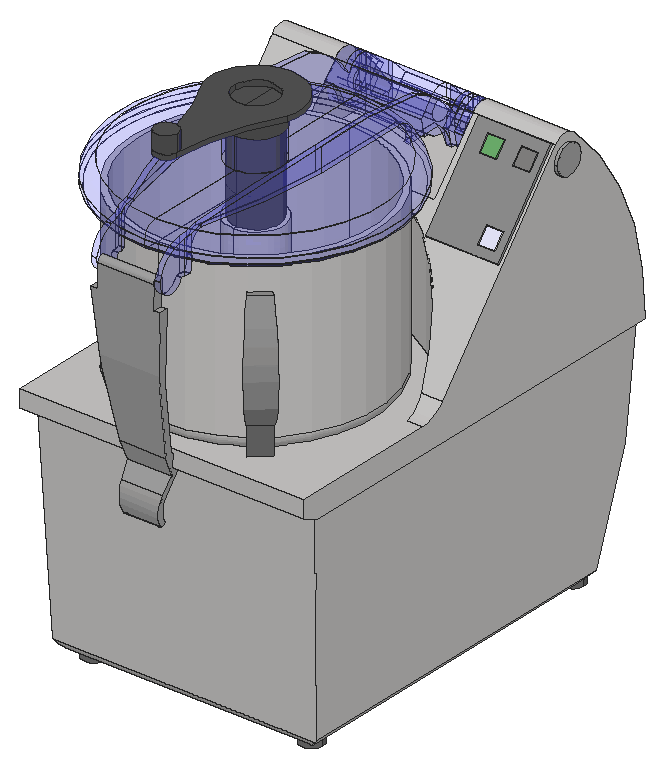
Revit family "QF_DITOSAMA_600449_DK45YVVI", category Specialty Equipment, Revit 2018
Family settings
  Round Connector Dimension = Use Diameter
  Part Type = Normal
  Work Plane-Based = No
  Always vertical = Yes
  Cut with Voids When Loaded = No
  Shared = No
  Room Calculation Point = No
Parameters (values of type "Standard")
  Weight = 22.00 kg
  Watts = 0 W
  Volts = 200 V
  URL Manufacturer = "http://www.ditosama.com"
  URL = "http://www.ditosama.com"
  Steam Supply Size = 0 mm
  Steam Supply Minimum Pressure = 0.0 Pa
  Steam Supply Maximum Pressure = 0.0 Pa
  Steam Pounds per Hour = 0
  Refrigeration Suction Line Size = 0.0 mm
  Refrigeration Liquid Line Size = 0.0 mm
  Refrigerant Compressor Remote = yes
  Manufacturer = "Dito Sama"
  Phase = 1
  Model = "DK45YVVI"
  Length Actual = 256.0 mm  # constant formula
  Item Number = "600449"
  Hot Water Size = 0 mm
  Height Actual = 482.0 mm  # constant formula
  HP = "1.3 HP"
  Gas Size = 0 mm
  Gas KW = 0
  Gas Input Pressure = 0 W
  Direct Waste Size = 0 mm
  Description = "CUTTER-MIXER 4.5L-MICROTOOTHED BLADE-VARIAB.SPEED-1000W-200-240V/1N/50-60-CB APPROVED, SCHUKO PLUG"
  Depth Actual = 415.0 mm  # constant formula
  Cycle = 50 Hz
  Condensate Return Size = 0 mm
  Compressed Air Volume = 0.0 L/s
  Compressed Air Size = 0 mm
  Compressed Air Pressure = 0.0 Pa
  Cold Water Size = 0 mm
  Accessory = yes
Reference planes
  plane 1 "Center (Front/Back)": y = 0
  plane 2: z = 0
  plane 3 "Center (Left/Right)": x = 0
  plane 4 "BASE": z = 6
  plane 5 "TOP": z = 685
  plane 6 "FRONT": y = -207.5
  plane 7 "BACK": y = 207.5
  plane 8 "LEFT": x = -128
  plane 9 "RIGHT": x = 128
  plane 10 "CenterX": x = -10
  plane 11 "Maniglia": through (-10, -59.177, 4000) normal (0.766, 0.6428, 0)
  plane 12 "Panel": through (4267.2, 107.252, 388.448) normal (0, 0.766, -0.6428)
  plane 13: z = 470
Forms (mm)
  Extrusion 1, solid, material "QF_Finishes_Stainless Steel"
    sketch origin (0, 0, 0) x (0, 1, 0) y (0, 0, 1)
      loop
        arc (155.897, 6) -> (160.37, 10.596) -> (163.359, 16.27) r 22.417
        arc (163.359, 16.27) -> (192.273, 107.896) -> (201.98, 203.483) r 470.678
        line (201.98, 203.483) -> (-161.42, 203.483)
        arc (-161.42, 203.483) -> (-159.547, 108.877) -> (-151.391, 14.604) r 1423.016
        arc (-151.391, 14.604) -> (-146.603, 8.365) -> (-139.103, 6) r 13.076
        line (-139.103, 6) -> (155.897, 6)
    from -128 to 128
  Extrusion 2, void
    sketch origin (0, -207.5, 0) x (-1, 0, 0) y (0, 0, 1)
      loop
        line (128, 203.483) -> (125, 203.483) -> (119.389, 16.27) -> (109.119, 6) -> (128, 6) -> (128, 203.483)
      loop
        line (-128, 203.483) -> (-128, 6) -> (-109.119, 6) -> (-119.389, 16.27) -> (-125, 203.483) -> (-128, 203.483)
    from 14.374 to 435.947
  Extrusion 3, solid, material "QF_Finishes_Stainless Steel"
    sketch origin (0, 0, 0) x (0, 1, 0) y (0, 0, 1)
      loop
        arc (207.5, 203.483) -> (187.745, 305.45) -> (127.203, 389.844) r 242.898
        arc (127.203, 389.844) -> (116.931, 393.38) -> (107.252, 388.448) r 13.902
        line (107.252, 388.448) -> (-20.106, 236.67)
        arc (-20.106, 236.67) -> (-30.264, 228.875) -> (-42.764, 226.104) r 29.578
        line (-42.764, 226.104) -> (-177.764, 226.104) -> (-177.764, 211.104) -> (-161.42, 203.483) -> (207.5, 203.483)
    from -128 to 128
  Extrusion 4, void
    sketch origin (0, -207.5, 0) x (-1, 0, 0) y (0, 0, 1)
      loop
        line (-53.607, 393.414) -> (-53.607, 336.684) -> (71.073, 336.684) -> (71.073, 393.414) -> (-53.607, 393.414)
    from 255.469 to 415
  Revolve 5, solid, material "QF_Plastic-Black"
    sketch origin (-10, 0, 0) x (0, -1, 0) y (0, 0, 1)
      loop
        line (59.177, 450.527) -> (28.516, 450.527) -> (35.424, 443.619) -> (35.424, 430.527) -> (38.194, 430.527) -> (38.194, 356.104) -> (59.177, 356.104) -> (59.177, 450.527)
      axis (59.177, 356.104) -> (59.177, 450.527)
    angle from 0 to 360
  Extrusion 6, solid, material "QF_Plastic-Black"
    sketch origin (0, 0, 0) x (1, 0, 0) y (0, 1, 0)
      loop
        arc (-48.167, -71.147) -> (-28.951, -114.517) -> (-19.956, -161.093) r 210.055
        arc (-19.956, -161.093) -> (-10, -170.155) -> (-0.044, -161.093) r 10
        arc (-0.044, -161.093) -> (8.951, -114.517) -> (28.167, -71.147) r 210.055
        arc (28.167, -71.147) -> (-10, -19.177) -> (-48.167, -71.147) r 40
    from 450.5 to 455
  Extrusion 7, solid, material "QF_Plastic-Black"
    sketch origin (0, 0, 0) x (1, 0, 0) y (0, 1, 0)
      loop
        circle (-10, -160.155) r 10
    from 455 to 470
  Extrusion 8, void
    sketch origin (0, 0, 0) x (1, 0, 0) y (0, 1, 0)
      loop
        circle (-10, -59.177) r 19
    from 427.6 to 472.8
  Extrusion 9, void
    sketch origin (0, 0, 0) x (1, 0, 0) y (0, 1, 0)
      loop
        arc (115, -59.177) -> (-10, 65.823) -> (-135, -59.177) r 125
        line (-135, -59.177) -> (115, -59.177)
    from 226.104 to 336.684
  Extrusion 10, void
    sketch origin (-20, 0, 0) x (-1, 0, 0) y (0, -1, 0)
      loop
        line (16.15, 177.864) -> (16.15, -123.86) -> (35.771, -123.86) -> (35.771, 48.192)
        arc (35.771, 48.192) -> (30.047, 105.502) -> (17.781, 161.776) r 500.876
        line (17.781, 161.776) -> (17.781, 171.776) -> (16.15, 177.864)
      loop
        line (40.771, -123.86) -> (45.852, -123.86) -> (45.852, 210.681) -> (21.15, 210.681) -> (21.15, 178.522) -> (22.781, 172.434) -> (22.781, 162.459)
        arc (22.781, 162.459) -> (35.047, 105.893) -> (40.771, 48.297) r 505.876
        line (40.771, 48.297) -> (40.771, -123.86)
    from 350.345 to 477.521
  Extrusion 11, solid, material "Glass"
    sketch origin (-20, 0, 0) x (0, 1, 0) y (0, 0, -1)
      loop
        line (-173.064, -369.647) -> (-181.303, -369.647)
        arc (-181.303, -369.647) -> (-196.341, -361.818) -> (-205.451, -376.117) r 12.548
        arc (-205.451, -376.117) -> (-199.87, -388.651) -> (-189.058, -397.099) r 28.357
        arc (-189.058, -397.099) -> (-65.868, -423.241) -> (59.99, -418.888) r 518.061
        arc (59.99, -418.888) -> (85.116, -404.522) -> (104.437, -382.973) r 90.696
        arc (104.437, -382.973) -> (113.885, -392.821) -> (127.203, -389.844) r 13.902
        arc (127.203, -389.844) -> (135.322, -382.188) -> (143.082, -374.167) r 242.898
        line (143.082, -374.167) -> (137.378, -368.464)
        arc (137.378, -368.464) -> (123.613, -353.84) -> (104.088, -358.543) r 20
        line (104.088, -358.543) -> (99.34, -358.543)
        arc (99.34, -358.543) -> (94.194, -371.609) -> (85.823, -382.884) r 53.446
        line (85.823, -382.884) -> (50.823, -382.884)
        arc (50.823, -382.884) -> (52.796, -383.701) -> (53.614, -385.674) r 2.79
        line (53.614, -385.674) -> (53.614, -390.892)
        arc (53.614, -390.892) -> (50.154, -399.244) -> (41.802, -402.703) r 11.812
        line (41.802, -402.703) -> (-160.307, -402.703)
        arc (-160.307, -402.703) -> (-168.659, -399.244) -> (-172.119, -390.892) r 11.812
        line (-172.119, -390.892) -> (-172.119, -385.826)
        arc (-172.119, -385.826) -> (-171.728, -384.361) -> (-170.659, -383.285) r 2.942
        line (-170.659, -383.285) -> (-173.064, -369.647)
      loop
        circle (117.901, -373.007) r 9.416
    from 16.15 to 45.852
  Extrusion 12, solid, material "Glass"
    sketch origin (0, 0, 0) x (0, 1, 0) y (0, 0, 1)
      loop
        line (137.378, 368.464) -> (143.082, 374.167)
        arc (143.082, 374.167) -> (135.322, 382.188) -> (127.203, 389.844) r 242.898
        arc (127.203, 389.844) -> (116.931, 393.38) -> (107.252, 388.448) r 13.902
        line (107.252, 388.448) -> (95.766, 374.76)
        arc (95.766, 374.76) -> (97.862, 366.72) -> (99.34, 358.543) r 108.872
        line (99.34, 358.543) -> (104.088, 358.543)
        arc (104.088, 358.543) -> (123.613, 353.84) -> (137.378, 368.464) r 20
      loop
        circle (117.901, 373.007) r 9.416
    from -71.073 to 53.607
  Extrusion 13, solid, material "QF_Finishes_Gray"
    sketch origin (0, 0, 0) x (0, 1, 0) y (0, 0, 1)
      loop
        arc (-182.273, 168.111) -> (-185.377, 178.111) -> (-182.273, 188.111) r 17.658
        line (-182.273, 188.111) -> (-169.592, 207.294) -> (-177.764, 211.104) -> (-177.764, 222.201) -> (-180.378, 224.815)
        arc (-180.378, 224.815) -> (-194.973, 298.318) -> (-196.805, 373.235) r 437.299
        arc (-196.805, 373.235) -> (-201.296, 377.726) -> (-205.788, 373.235) r 4.491
        arc (-205.788, 373.235) -> (-201.07, 296.739) -> (-185.461, 221.705) r 534.528
        line (-185.461, 221.705) -> (-177.764, 203.503) -> (-186.394, 190.943)
        arc (-186.394, 190.943) -> (-190.377, 178.111) -> (-186.394, 165.28) r 22.658
        arc (-186.394, 165.28) -> (-182.917, 164.635) -> (-182.273, 168.111) r 2.5
    from -49.646 to 27.326
  Extrusion 14, void
    sketch origin (0, -207.5, 0) x (-1, 0, 0) y (0, 0, 1)
      loop
        line (-15.15, 396.938) -> (-47.326, 396.938) -> (-47.326, 161.938) -> (-5.366, 161.938) -> (-20.516, 351.652) -> (-15.15, 351.652) -> (-15.15, 396.938)
      loop
        line (26.963, 161.938) -> (77.918, 161.938) -> (77.918, 396.938) -> (35.15, 396.938) -> (35.15, 351.652) -> (42.113, 351.652) -> (26.963, 161.938)
    from 46.08 to -69.339
  Extrusion 15, solid, material "Glass"
    sketch origin (0, 0, 0) x (0, 1, 0) y (0, 0, 1)
      loop
        line (-173.064, 369.647) -> (-170.659, 383.285)
        arc (-170.659, 383.285) -> (-171.728, 384.361) -> (-172.119, 385.826) r 2.942
        line (-172.119, 385.826) -> (-172.119, 390.892)
        arc (-172.119, 390.892) -> (-168.659, 399.244) -> (-160.307, 402.703) r 11.812
        line (-160.307, 402.703) -> (41.802, 402.703)
        arc (41.802, 402.703) -> (50.154, 399.244) -> (53.614, 390.892) r 11.812
        line (53.614, 390.892) -> (53.614, 385.674)
        arc (53.614, 385.674) -> (52.796, 383.701) -> (50.823, 382.884) r 2.79
        line (50.823, 382.884) -> (85.823, 382.884)
        arc (85.823, 382.884) -> (94.194, 371.609) -> (99.34, 358.543) r 53.446
        line (99.34, 358.543) -> (104.088, 358.543)
        arc (104.088, 358.543) -> (123.613, 353.84) -> (137.378, 368.464) r 20
        line (137.378, 368.464) -> (143.082, 374.167)
        arc (143.082, 374.167) -> (135.322, 382.188) -> (127.203, 389.844) r 242.898
        arc (127.203, 389.844) -> (113.885, 392.821) -> (104.437, 382.973) r 13.902
        arc (104.437, 382.973) -> (85.116, 404.522) -> (59.99, 418.888) r 90.696
        arc (59.99, 418.888) -> (-65.868, 423.241) -> (-189.058, 397.099) r 518.061
        arc (-189.058, 397.099) -> (-199.87, 388.651) -> (-205.451, 376.117) r 28.357
        arc (-205.451, 376.117) -> (-196.341, 361.818) -> (-181.303, 369.647) r 12.548
        line (-181.303, 369.647) -> (-173.064, 369.647)
      loop
        circle (117.901, 373.007) r 9.416
    from 16.15 to 45.852
  Extrusion 16, void
    sketch origin (0, 0, 0) x (1, 0, 0) y (0, 1, 0)
      loop
        line (16.15, -177.864) -> (17.781, -171.776) -> (17.781, -161.776)
        arc (17.781, -161.776) -> (30.047, -105.502) -> (35.771, -48.192) r 500.876
        line (35.771, -48.192) -> (35.771, 123.86) -> (16.15, 123.86) -> (16.15, -177.864)
      loop
        line (40.771, 123.86) -> (40.771, -48.297)
        arc (40.771, -48.297) -> (35.047, -105.893) -> (22.781, -162.459) r 505.876
        line (22.781, -162.459) -> (22.781, -172.434) -> (21.15, -178.522) -> (21.15, -210.681) -> (45.852, -210.681) -> (45.852, 123.86) -> (40.771, 123.86)
    from 350.345 to 477.521
  Revolve 17, solid, material "Glass"
    sketch origin (-10, 0, -40) x (0, -1, 0) y (0, 0, 1)
      loop
        line (38.194, 422.884) -> (38.194, 470.527) -> (35.424, 470.527) -> (35.424, 442.703) -> (-53.802, 442.703)
        arc (-53.802, 442.703) -> (-62.213, 439.268) -> (-65.732, 430.892) r 11.871
        line (-65.732, 430.892) -> (-65.732, 425.793)
        arc (-65.732, 425.793) -> (-64.88, 423.736) -> (-62.823, 422.884) r 2.909
        line (-62.823, 422.884) -> (38.194, 422.884)
      axis (59.177, 422.884) -> (59.177, 470.527)
    angle from 0 to 360
  Revolve 18, solid, material "QF_Metal-Stainless-Polished"
    sketch origin (-10, 0, 0) x (0, -1, 0) y (0, 0, 1)
      loop
        line (169.177, 382.884) -> (164.177, 382.884) -> (164.177, 237.884)
        arc (164.177, 237.884) -> (162.191, 233.09) -> (157.397, 231.104) r 6.78
        line (157.397, 231.104) -> (84.177, 231.104) -> (84.177, 356.104) -> (79.177, 356.104) -> (79.177, 226.104) -> (157.397, 226.104)
        arc (157.397, 226.104) -> (165.726, 229.554) -> (169.177, 237.884) r 11.78
        line (169.177, 237.884) -> (169.177, 382.884)
      axis (59.177, 382.884) -> (59.177, 226.104)
    angle from 0 to 360
  Extrusion 19, solid, material "QF_Plastic-Gray-Matte"
    sketch origin (-49.423, -13.925, 0) x (0.634002, 0.773331, 0) y (-0.773331, 0.634002, 0)
      loop
        line (-55.497, -222.333) -> (-26.468, -227.794) -> (-20.635, -161.119)
        arc (-20.635, -161.119) -> (-28.727, -159.898) -> (-36.729, -158.185) r 133.529
        line (-36.729, -158.185) -> (-55.497, -222.333)
    from 226.104 to 356.104
  Revolve 20, void
    sketch origin (-35.007, -29.374, 0) x (-0.642788, 0.766044, 0) y (0, 0, 1)
      loop
        arc (-155.215, 337.579) -> (-171.344, 302.579) -> (-155.215, 267.579) r 46.04
        line (-155.215, 267.579) -> (-147.754, 267.579) -> (-147.754, 337.579) -> (-155.215, 337.579)
      loop
        line (-155.215, 356.104) -> (-147.754, 356.104) -> (-147.754, 361.761) -> (-215.215, 361.761) -> (-215.215, 226.104) -> (-147.754, 226.104) -> (-147.754, 256.485) -> (-163.93, 256.485)
        arc (-163.93, 256.485) -> (-184.453, 308.471) -> (-155.215, 356.104) r 62.537
      axis (10, 361.761) -> (10, 226.104)
    angle from -8.217 to 8.652
  Extrusion 21, solid, material "QF_Finishes_Rubber Black"
    sketch origin (0, 0, 0) x (1, 0, 0) y (0, 1, 0)
      loop
        arc (57.446, -154.071) -> (64.931, -148.135) -> (72.061, -141.775) r 165.215
        line (72.061, -141.775) -> (66.401, -136.116)
        arc (66.401, -136.116) -> (59.824, -141.977) -> (52.928, -147.46) r 157.215
        line (52.928, -147.46) -> (57.446, -154.071)
    from 226.104 to 256.485
  Extrusion 22, solid, material "QF_Plastic-Gray-Matte"
    sketch origin (0, -128.336, 107.686) x (0, 0.642788, 0.766044) y (1, 0, 0)
      loop
        line (366.07, 59.066) -> (366.07, 124.8) -> (272.743, 124.8) -> (272.743, 59.066) -> (366.07, 59.066)
      loop
        line (356.63, 102.599) -> (356.63, 117.599) -> (341.63, 117.599) -> (341.63, 102.599) -> (356.63, 102.599)
      loop
        line (295.63, 102.599) -> (295.63, 117.599) -> (280.63, 117.599) -> (280.63, 102.599) -> (295.63, 102.599)
      loop
        line (356.63, 72.599) -> (356.63, 87.599) -> (341.63, 87.599) -> (341.63, 72.599) -> (356.63, 72.599)
    from -1 to 0.6
  Extrusion 23, solid, material "QF_Finishes_Red"
    sketch origin (0, -128.336, 107.686) x (0, 0.642788, 0.766044) y (1, 0, 0)
      loop
        line (356.63, 102.599) -> (356.63, 117.599) -> (341.63, 117.599) -> (341.63, 102.599) -> (356.63, 102.599)
    from -1 to 0.6
  Extrusion 24, solid, material "QF_Finishes_Green"
    sketch origin (-27.396, -127.834, 108.284) x (0, 0.642788, 0.766044) y (1, 0, 0)
      loop
        line (355.85, 99.994) -> (355.85, 114.994) -> (340.786, 114.994) -> (340.786, 99.994) -> (355.85, 99.994)
    from -1 to 0.6
  Extrusion 25, solid, material "QF_Plastic-White-Matte"
    sketch origin (0, -167.546, 60.958) x (0, 0.642788, 0.766044) y (1, 0, 0)
      loop
        line (356.63, 102.599) -> (356.63, 117.599) -> (341.63, 117.599) -> (341.63, 102.599) -> (356.63, 102.599)
    from -1 to 0.6
  Extrusion 26, solid, material "QF_Finishes_Stainless Steel"
    sketch origin (0, 207.5, 0) x (-1, 0, 0) y (0, 0, 1)
      loop
        circle (0, 202) r 10.353
    from -6.2 to 3
  Revolve 27, solid, material "QF_Door-Drawer Clearances", detail levels coarse
    sketch origin (-10, -221.856, 479.549) x (0, 0, 1) y (0, 1, 0)
      loop
        line (59.177, 490.527) -> (28.516, 490.527) -> (35.424, 483.619) -> (35.424, 470.527) -> (38.194, 470.527) -> (38.194, 442.703) -> (59.177, 442.703) -> (59.177, 490.527)
      axis (59.177, 442.703) -> (59.177, 490.527)
    angle from 0 to 360
  Extrusion 28, solid, material "QF_Door-Drawer Clearances", detail levels coarse
    sketch origin (0, -221.856, 479.549) x (1, 0, 0) y (0, 0, -1)
      loop
        arc (-48.167, -71.147) -> (-28.951, -114.517) -> (-19.956, -161.093) r 210.055
        arc (-19.956, -161.093) -> (-10, -170.155) -> (-0.044, -161.093) r 10
        arc (-0.044, -161.093) -> (8.951, -114.517) -> (28.167, -71.147) r 210.055
        arc (28.167, -71.147) -> (-10, -19.177) -> (-48.167, -71.147) r 40
    from 490.527 to 495.013
  Extrusion 29, solid, material "QF_Door-Drawer Clearances", detail levels coarse
    sketch origin (0, -221.856, 479.549) x (1, 0, 0) y (0, 0, -1)
      loop
        circle (-10, -160.155) r 10
    from 495.013 to 510.592
  Extrusion 30, void
    sketch origin (-20, -221.856, 479.359) x (-1, 0, 0) y (0, 0, 1)
      loop
        line (16.15, 177.864) -> (16.15, -123.86) -> (35.771, -123.86) -> (35.771, 48.192)
        arc (35.771, 48.192) -> (30.047, 105.502) -> (17.781, 161.776) r 500.876
        line (17.781, 161.776) -> (17.781, 171.776) -> (16.15, 177.864)
      loop
        line (40.771, -123.86) -> (45.852, -123.86) -> (45.852, 210.681) -> (21.15, 210.681) -> (21.15, 178.522) -> (22.781, 172.434) -> (22.781, 162.459)
        arc (22.781, 162.459) -> (35.047, 105.893) -> (40.771, 48.297) r 505.876
        line (40.771, 48.297) -> (40.771, -123.86)
    from 350.345 to 477.521
  Extrusion 31, solid, material "QF_Door-Drawer Clearances", detail levels coarse
    sketch origin (-20, -221.856, 479.359) x (0, 0, -1) y (0, -1, 0)
      loop
        line (-173.064, -409.647) -> (-181.303, -409.647)
        arc (-181.303, -409.647) -> (-196.341, -401.818) -> (-205.451, -416.117) r 12.548
        arc (-205.451, -416.117) -> (-199.87, -428.651) -> (-189.058, -437.099) r 28.357
        arc (-189.058, -437.099) -> (-65.868, -463.241) -> (59.99, -458.888) r 518.061
        arc (59.99, -458.888) -> (92.246, -438.11) -> (113.023, -405.855) r 90.696
        arc (113.023, -405.855) -> (114.903, -399.662) -> (115.972, -393.28) r 50.278
        arc (115.972, -393.28) -> (121.968, -392.806) -> (127.203, -389.844) r 13.902
        arc (127.203, -389.844) -> (129.309, -387.924) -> (131.393, -385.98) r 242.898
        arc (131.393, -385.98) -> (114.739, -373.307) -> (99.238, -359.247) r 242.898
        arc (99.238, -359.247) -> (87.934, -393.903) -> (65.823, -422.884) r 108.872
        line (65.823, -422.884) -> (50.823, -422.884)
        arc (50.823, -422.884) -> (52.796, -423.701) -> (53.614, -425.674) r 2.79
        line (53.614, -425.674) -> (53.614, -430.892)
        arc (53.614, -430.892) -> (50.154, -439.244) -> (41.802, -442.703) r 11.812
        line (41.802, -442.703) -> (-160.307, -442.703)
        arc (-160.307, -442.703) -> (-168.659, -439.244) -> (-172.119, -430.892) r 11.812
        line (-172.119, -430.892) -> (-172.119, -425.826)
        arc (-172.119, -425.826) -> (-171.728, -424.361) -> (-170.659, -423.285) r 2.942
        line (-170.659, -423.285) -> (-173.064, -409.647)
    from 16.15 to 45.852
  Extrusion 32, void
    sketch origin (0, -221.856, 479.359) x (1, 0, 0) y (0, 0, -1)
      loop
        line (16.15, -177.864) -> (17.781, -171.776) -> (17.781, -161.776)
        arc (17.781, -161.776) -> (30.047, -105.502) -> (35.771, -48.192) r 500.876
        line (35.771, -48.192) -> (35.771, 123.86) -> (16.15, 123.86) -> (16.15, -177.864)
      loop
        line (40.771, 123.86) -> (40.771, -48.297)
        arc (40.771, -48.297) -> (35.047, -105.893) -> (22.781, -162.459) r 505.876
        line (22.781, -162.459) -> (22.781, -172.434) -> (21.15, -178.522) -> (21.15, -210.681) -> (45.852, -210.681) -> (45.852, 123.86) -> (40.771, 123.86)
    from 350.345 to 477.521
  Extrusion 33, solid, material "QF_Door-Drawer Clearances", detail levels coarse
    sketch origin (0, -221.856, 479.359) x (0, 0, -1) y (0, 1, 0)
      loop
        line (-173.064, 409.647) -> (-170.659, 423.285)
        arc (-170.659, 423.285) -> (-171.728, 424.361) -> (-172.119, 425.826) r 2.942
        line (-172.119, 425.826) -> (-172.119, 430.892)
        arc (-172.119, 430.892) -> (-168.659, 439.244) -> (-160.307, 442.703) r 11.812
        line (-160.307, 442.703) -> (41.802, 442.703)
        arc (41.802, 442.703) -> (50.154, 439.244) -> (53.614, 430.892) r 11.812
        line (53.614, 430.892) -> (53.614, 425.674)
        arc (53.614, 425.674) -> (52.796, 423.701) -> (50.823, 422.884) r 2.79
        line (50.823, 422.884) -> (65.823, 422.884)
        arc (65.823, 422.884) -> (87.934, 393.903) -> (99.238, 359.247) r 108.872
        arc (99.238, 359.247) -> (114.739, 373.307) -> (131.393, 385.98) r 242.898
        arc (131.393, 385.98) -> (129.309, 387.924) -> (127.203, 389.844) r 242.898
        arc (127.203, 389.844) -> (121.968, 392.806) -> (115.972, 393.28) r 13.902
        arc (115.972, 393.28) -> (114.903, 399.662) -> (113.023, 405.855) r 50.278
        arc (113.023, 405.855) -> (92.246, 438.11) -> (59.99, 458.888) r 90.696
        arc (59.99, 458.888) -> (-65.868, 463.241) -> (-189.058, 437.099) r 518.061
        arc (-189.058, 437.099) -> (-199.87, 428.651) -> (-205.451, 416.117) r 28.357
        arc (-205.451, 416.117) -> (-196.341, 401.818) -> (-181.303, 409.647) r 12.548
        line (-181.303, 409.647) -> (-173.064, 409.647)
    from 16.15 to 45.852
  Revolve 34, solid, material "QF_Door-Drawer Clearances", detail levels coarse
    sketch origin (-10, -221.856, 479.549) x (0, 0, 1) y (0, 1, 0)
      loop
        line (38.194, 422.884) -> (38.194, 470.527) -> (35.424, 470.527) -> (35.424, 442.703) -> (-53.802, 442.703)
        arc (-53.802, 442.703) -> (-62.213, 439.268) -> (-65.732, 430.892) r 11.871
        line (-65.732, 430.892) -> (-65.732, 425.793)
        arc (-65.732, 425.793) -> (-64.88, 423.736) -> (-62.823, 422.884) r 2.909
        line (-62.823, 422.884) -> (38.194, 422.884)
      axis (59.177, 422.884) -> (59.177, 470.527)
    angle from 0 to 360
  Extrusion 35, solid, material "QF_Finishes_Rubber Black"
    sketch origin (0, 0, 0) x (1, 0, 0) y (0, 1, 0)
      loop
        circle (-98.592, 163.359) r 10
      loop
        circle (-98.592, -131.641) r 10
      loop
        circle (98.592, 163.359) r 10
      loop
        circle (98.592, -131.641) r 10
    from 0 to 6
  Extrusion 36, solid, material "QF_Finishes_Gray"
    sketch origin (0, 0, 0) x (0, 1, 0) y (0, 0, 1)
      loop
        circle (117.901, 373.007) r 13.005
    from 131.516 to 128
  Extrusion 37, solid, material "QF_Finishes_Gray"
    sketch origin (0, 0, 0) x (0, 1, 0) y (0, 0, -1)
      loop
        circle (117.901, -373.007) r 13.005
    from 131.516 to 128
Cuts and joins
  Extrusion 2, Extrusion 8, Extrusion 9 cuts Extrusion 1
  Extrusion 4, Extrusion 9 cuts Extrusion 3
  Extrusion 8 cuts Extrusion 6
  Extrusion 10, Extrusion 16, Extrusion 30, Extrusion 32 cuts Extrusion 11
  Extrusion 14, Extrusion 16, Extrusion 30 cuts Extrusion 13
  Extrusion 16, Extrusion 30, Extrusion 32 cuts Extrusion 12
  Extrusion 16 cuts Extrusion 15
  Revolve 20 cuts Extrusion 19
  Extrusion 30 cuts Revolve 17
  Extrusion 30 cuts Revolve 18
  Extrusion 30, Extrusion 32 cuts Extrusion 31
  Extrusion 32 cuts Extrusion 33
Lines and regions (mm)
  symbolic lines
    curve 1: arc (-10, -172.155, 0) -> (3.999, -171.284, 0) -> (17.781, -168.686, 0) r 112.979
    curve 2: arc (-10, -184.085, 0) -> (-23.148, -183.391, 0) -> (-36.15, -181.317, 0) r 124.909
    curve 3: line (128, -157.764, 0) -> (128, 187.57, 0)
    curve 4: line (124.8, 106.204, 0) -> (59.066, 106.204, 0)
    curve 5: line (102.599, 90.494, 0) -> (117.599, 90.494, 0)
    curve 6: line (117.599, 62.151, 0) -> (102.599, 62.151, 0)
    curve 7: line (102.599, 51.284, 0) -> (117.599, 51.284, 0)
    curve 8: line (102.599, 62.151, 0) -> (102.599, 51.284, 0)
    curve 9: line (117.599, 51.284, 0) -> (117.599, 62.151, 0)
    curve 10: line (117.599, 90.494, 0) -> (117.599, 101.361, 0)
    curve 11: line (102.599, 101.361, 0) -> (102.599, 90.494, 0)
    curve 12: arc (-0.044, -161.093, 0) -> (8.951, -114.517, 0) -> (28.167, -71.147, 0) r 210.055
    curve 13: arc (28.167, -71.147, 0) -> (-10, -19.177, 0) -> (-48.167, -71.147, 0) r 40
    curve 14: arc (-48.167, -71.147, 0) -> (-28.951, -114.517, 0) -> (-19.956, -161.093, 0) r 210.055
    curve 15: arc (-19.956, -161.093, 0) -> (-10, -170.155, 0) -> (-0.044, -161.093, 0) r 10
    curve 16: arc (0, -160.155, 0) -> (-10, -150.155, 0) -> (-20, -160.155, 0) r 10
    curve 17: arc (-55.771, -48.192, 0) -> (-50.047, -105.502, 0) -> (-37.781, -161.776, 0) r 500.876
    curve 18: arc (-42.781, -162.459, 0) -> (-55.047, -105.893, 0) -> (-60.771, -48.297, 0) r 505.876
    curve 19: line (-55.771, 123.86, 0) -> (-55.771, -48.192, 0)
    curve 20: line (-60.771, -48.297, 0) -> (-60.771, 123.86, 0)
    curve 21: line (40.771, 123.86, 0) -> (40.771, -48.297, 0)
    curve 22: line (35.771, -48.192, 0) -> (35.771, 123.86, 0)
    curve 23: arc (40.771, -48.297, 0) -> (35.047, -105.893, 0) -> (22.781, -162.459, 0) r 505.876
    curve 24: arc (17.781, -161.776, 0) -> (30.047, -105.502, 0) -> (35.771, -48.192, 0) r 500.876
    curve 25: line (22.781, -162.459, 0) -> (22.781, -172.434, 0)
    curve 26: line (17.781, -171.776, 0) -> (17.781, -161.776, 0)
    curve 27: line (16.15, -177.864, 0) -> (17.781, -171.776, 0)
    curve 28: line (22.781, -172.434, 0) -> (21.15, -178.522, 0)
    curve 29: line (21.15, -178.522, 0) -> (21.15, -205.641, 0)
    curve 30: line (-37.781, -161.776, 0) -> (-37.781, -171.776, 0)
    curve 31: line (-42.781, -172.434, 0) -> (-42.781, -162.459, 0)
    curve 32: line (-41.15, -178.522, 0) -> (-42.781, -172.434, 0)
    curve 33: line (-37.781, -171.776, 0) -> (-36.15, -177.864, 0)
    curve 34: line (-41.15, -205.641, 0) -> (-41.15, -178.522, 0)
    curve 35: spline (22.008, -197.61, 0) -> (21.937, -197.617, 0) -> (21.865, -197.622, 0) -> (21.794, -197.626, 0) -> (21.722, -197.627, 0) -> (21.651, -197.627, 0) -> (21.579, -197.625, 0) -> (21.508, -197.621, 0) -> (21.436, -197.615, 0) -> (21.365, -197.608, 0) -> (21.293, -197.598, 0) -> (21.222, -197.587, 0) -> (21.15, -197.574, 0)
    curve 36: line (-71.073, 171.51, 0) -> (53.607, 171.51, 0)
    curve 37: line (59.066, 46.214, 0) -> (124.8, 46.214, 0)
    curve 38: line (59.066, 106.204, 0) -> (59.066, 46.214, 0)
    curve 39: line (124.8, 46.214, 0) -> (124.8, 107.429, 0)
    curve 40: line (53.607, 48.324, 0) -> (53.607, 171.51, 0)
    curve 41: line (-71.073, 171.51, 0) -> (-71.073, 49.783, 0)
    curve 42: arc (40.771, 54.948, 0) -> (114.476, -69.566, 0) -> (21.15, -180.138, 0) r 124.909
    curve 43: arc (-60.771, 41.751, 0) -> (-122.562, -68.863, 0) -> (-42.781, -167.295, 0) r 112.979
    curve 44: line (93.154, -162.392, 0) -> (78.293, -147.531, 0)
    curve 45: line (93.154, -162.392, 0) -> (74.048, -178.424, 0)
    curve 46: line (74.048, -178.424, 0) -> (61.96, -161.274, 0)
    curve 47: arc (-37.781, -168.686, 0) -> (-23.999, -171.284, 0) -> (-10, -172.155, 0) r 112.979
    curve 48: arc (-41.15, -180.138, 0) -> (-94.625, -151.05, 0) -> (-128, -100.142, 0) r 124.909
    curve 49: arc (22.781, -167.295, 0) -> (102.562, -68.863, 0) -> (40.771, 41.751, 0) r 112.979
    curve 50: arc (16.15, -181.317, 0) -> (3.148, -183.391, 0) -> (-10, -184.085, 0) r 124.909
    curve 51: line (16.15, -205.242, 0) -> (16.15, -177.864, 0)
    curve 52: line (-36.15, -205.641, 0) -> (-36.15, -177.864, 0)
    curve 53: line (-41.15, -205.641, 0) -> (21.15, -205.641, 0)
    curve 54: line (22.008, -205.53, 0) -> (22.008, -197.61, 0)
    curve 55: line (22.008, -205.53, 0) -> (21.15, -205.53, 0)
    curve 56: spline (-42.008, -197.61, 0) -> (-41.937, -197.617, 0) -> (-41.865, -197.622, 0) -> (-41.794, -197.626, 0) -> (-41.722, -197.627, 0) -> (-41.651, -197.627, 0) -> (-41.579, -197.625, 0) -> (-41.508, -197.621, 0) -> (-41.436, -197.615, 0) -> (-41.365, -197.608, 0) -> (-41.293, -197.598, 0) -> (-41.222, -197.587, 0) -> (-41.15, -197.574, 0)
    curve 57: line (-42.008, -205.53, 0) -> (-42.008, -197.61, 0)
    curve 58: line (-42.008, -205.53, 0) -> (-41.15, -205.53, 0)
    curve 59: arc (-128, -18.211, 0) -> (-101.973, 25.34, 0) -> (-60.771, 54.948, 0) r 124.909
    curve 60: arc (-128, -100.142, 0) -> (-134.909, -59.177, 0) -> (-128, -18.211, 0) r 124.909
    curve 61: line (-108, -177.764, 0) -> (-49.233, -177.764, 0)
    curve 62: line (-128, 187.57, 0) -> (-128, -17.764, 0)
    curve 63: line (29.233, -177.764, 0) -> (108, -177.764, 0)
    curve 64: line (-128, -97.764, 0) -> (-128, -157.764, 0)
    curve 65: line (-108, 207.57, 0) -> (108, 207.57, 0)
    curve 66: arc (-128, -157.764, 0) -> (-122.142, -171.906, 0) -> (-108, -177.764, 0) r 20
    curve 67: arc (108, -177.764, 0) -> (122.142, -171.906, 0) -> (128, -157.764, 0) r 20
    curve 68: arc (128, 187.57, 0) -> (122.142, 201.713, 0) -> (108, 207.57, 0) r 20
    curve 69: arc (-108, 207.57, 0) -> (-122.142, 201.713, 0) -> (-128, 187.57, 0) r 20
    curve 70: line (45.852, 123.86, 0) -> (-71.073, 123.86, 0)
    curve 71: line (45.852, 137.378, 0) -> (-65.852, 137.378, 0)
    curve 72: line (45.852, 143.082, 0) -> (-65.852, 143.082, 0)
    curve 73: line (53.607, 123.86, 0) -> (45.852, 123.86, 0)
    curve 74: line (45.852, 123.86, 0) -> (45.852, 170.216, 0)
    curve 75: line (45.852, 170.216, 0) -> (-65.852, 170.216, 0)
    curve 76: line (-65.852, 170.216, 0) -> (-65.852, 123.86, 0)
    curve 77: line (102.599, 101.361, 0) -> (117.599, 101.361, 0)
    curve 78: line (72.599, 90.494, 0) -> (87.599, 90.494, 0)
    curve 79: line (87.599, 90.494, 0) -> (87.599, 101.361, 0)
    curve 80: line (72.599, 101.361, 0) -> (72.599, 90.494, 0)
    curve 81: line (72.599, 101.361, 0) -> (87.599, 101.361, 0)
Dimensions and locks
  plane 4 "BASE" to level = 6.0 mm
  plane 5 "TOP" to level = 685.0 mm  (x2)
  plane 8 "LEFT" to plane 3 "Center (Left/Right)" to plane 9 "RIGHT" = 128.0 mm, 128.0 mm
  plane 7 "BACK" to plane 1 "Center (Front/Back)" to plane 6 "FRONT" = 207.5 mm, 207.5 mm
  plane 7 "BACK" to plane 6 "FRONT" = 415.0 mm
  plane 8 "LEFT" to plane 9 "RIGHT" = 256.0 mm
  plane 10 "CenterX" to plane 3 "Center (Left/Right)" = 10.0 mm
  plane 13 to level = 470.0 mm
  aligned and locked: level to plane 2
  aligned and locked: Extrusion 22 sketch curve to Extrusion 23
Connectors
  electrical at (0, 210.5, 202)
    settings: on Extrusion 26, index 1, voltage 0 V, apparent load 0 VA, apparent load phase1 0 VA, apparent load phase2 0 VA, apparent load phase3 0 VA, power factor 1, load classification "Other", number of poles 1, system type 30, power factor state 1, is connector primary yes, connector utility no, sub classification motor no, connector description "Electrical connection"
